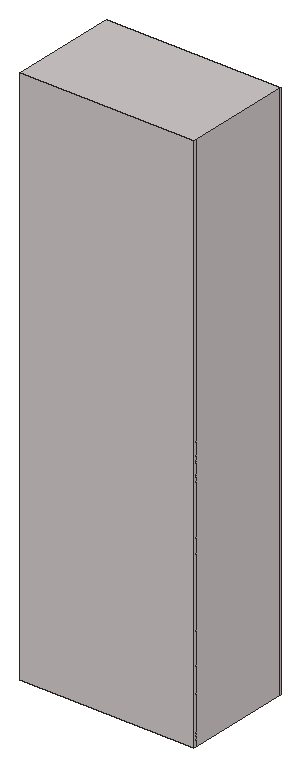
Revit family "M_Coluna retangular pré-moldada", category Pilares estruturais, Revit 2019
Family settings
  Exibir em vistas ocultas = Arestas ocultadas por outros membros
  Forma do corte = Não definido
  Material para o comportamento do modelo = Concreto pré-moldado
  Exportar sempre como geometria = Não
  Redução da viga na planta = Da caixa de vinculação
  Número OmniClass = 23.25.30.11.14.11
  Título OmniClass = Columns
  ID de item do Seek = Precast-Rectangular Column-0000-CAN-ENU
  Corte com vazios quando carregada = Não
  Representação simbólica = Da família
  Compartilhado = Não
  Exibir o pré-corte da família na vista da planta = Sim
Parameters (values of type "800x500")
  TransChamfer = if(Chanfro = 0 mm, 10 mm, Chanfro)  # 10 mm
  Peso da vara de tirante [instance] = 30
  Vara de tirante W [instance] = (Peso da vara de tirante) * 9.80 kN / 1000  # 0.294 kN
  Structural Material [instance] = Concreto - Moldado in loco - 35 MPa
  Peso do vergalhão simples [instance] = 50
  Vergalhão em W simples [instance] = (Peso do vergalhão simples * 9.80 kN) / 1000  # 0.49 kN
  Peso das grades de vergalhão [instance] = 100
  Grades de vergalhão W [instance] = (Peso das grades de vergalhão * 9.80 kN) / 1000  # 0.98 kN
  b = 800 mm
  h = 500 mm
  Chanfro = 0 mm
Reference planes
  plane 1 "Centro (Frente/Trás)": y = 25
  plane 2: z = 0
  plane 3 "Centro (Esquerda/Direita)": x = -25
  plane 4: x = -425
  plane 5: y = -225
  plane 6: x = 375
  plane 7: y = 275
  plane 8: x = -425
  plane 9: x = 375
  plane 10: y = 265
  plane 11: y = -215
Forms (mm)
  Extrusion 1, solid, material "Concreto - Moldado in loco - 35 MPa" <- "Structural Material"
    sketch origin (0, 0, 0) x (1, 0, 0) y (0, 1, 0)
      loop
        line (-425, 275) -> (-425, 265) -> (-425, -215) -> (-425, -225) -> (375, -225) -> (375, -215) -> (375, 265) -> (375, 275) -> (-425, 275)
    from 0 to 2500
Dimensions and locks
  equal spacing: plane 4, plane 3 "Centro (Esquerda/Direita)", plane 6
  equal spacing: plane 7, plane 1 "Centro (Frente/Trás)", plane 5
  "b": plane 4 to plane 6
  "h": plane 7 to plane 5
  "Chanfro": plane 4 to plane 8
  "Chanfro": plane 9 to plane 6
  "TransChamfer": plane 7 to plane 10
  "TransChamfer": plane 11 to plane 5
  aligned and locked: level to Extrusion 1
  aligned and locked: level to plane 2
  aligned and locked: Extrusion 1 to plane 2
  aligned and locked: Extrusion 1 sketch curve to plane 4
  aligned and locked: Extrusion 1 sketch curve to plane 6
  aligned and locked: Extrusion 1 sketch curve to plane 5
  aligned and locked: Extrusion 1 sketch curve to plane 7
  aligned and locked: plane 8 to Extrusion 1 sketch curve  (x2)
  aligned and locked: plane 9 to Extrusion 1 sketch curve  (x2)
  aligned and locked: plane 10 to Extrusion 1 sketch curve  (x2)
  aligned and locked: plane 11 to Extrusion 1 sketch curve  (x2)
